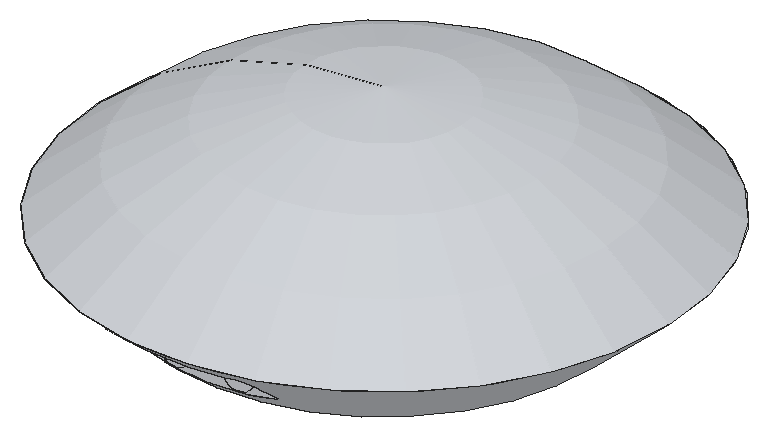
Revit family "0049006 Sylvania Lighting Fixture Start Surface IP66 1450lm 830 MW IK10 BLK", category Lighting Fixtures, host Face, Revit 2016
Family settings
  Host = Face
  Part Type = Normal
  Round Connector Dimension = Use Diameter
  OmniClass Number = 23.80.70.00
  OmniClass Title = Lighting
  Cut with Voids When Loaded = No
  Light Source = Yes
  Shared = No
  Room Calculation Point = No
Parameters (values of type "Type Name")
  power entry width = 90 mm
  power entry height = 28 mm
  power connector height = 12.5 mm
  power connector centres = 39 mm
  height = 110 mm
  connector position 2 = 40 mm
  connector length = 2 mm
  base height = 40 mm
  backplate diameter = 256 mm
  Weight = ""
  Wattage Comments = ""
  Wattage = 9.2903 W
  WarrantyStartDate [instance] = "n/a"
  WarrantyGuarantorParts = "n/a"
  WarrantyDurationUnit = "n/a"
  WarrantyDurationParts = "n/a"
  WarrantyDescription = "n/a"
  built-in parameter 1150110 = 1 (stored number, unit not read)
  Voltage = 0 V
  URL = "http://www.feilosylvania.com"
  TypeName = ""
  Type Image = <None>
  Type Comments = "n/a"
  Tube Diameter = 80 mm
  built-in parameter 1114217 = 1 (stored number, unit not read)
  Tilt Angle = 90.00°
  built-in parameter 1150109 = 1 (stored number, unit not read)
  built-in parameter 1150134 = 3
  built-in parameter 1150113 = 1 (stored number, unit not read)
  SerialNumber [instance] = "n/a"
  Photometric Web File = "0049006-300mA.ies"
  Material_3_FEILO = none
  PowerFactor = 0
  PowerConsumption = ""
  NominalLength = 0 mm
  NominalHeight = 0 mm
  NominalDepth = 0 mm
  Name = ""
  ModelReference = Name  # ""
  ModelNumber = ""
  Model = Name  # ""
  Material = ""
  ManufacturerName = "Feilo Sylvania"
  Manufacturer = "Feilo Sylvania"
  LuminousEfficacy = ""
  built-in parameter 1150105 = 109.82 (stored number, unit not read)
  Lumens = 1380 lm
  LuminaireType = ""
  built-in parameter 1150115 = 1 (stored number, unit not read)
  LightOutputRatio = ""
  built-in parameter 1150137 = (empty or 0)
  built-in parameter 1150139 = (empty or 0)
  LampsType = Lamp  # ""
  LampNominalLuminous = ""
  LampMacAdamStep = ""
  LampColourTemperature = ""
  LampColourRenderingIndex = ""
  built-in parameter 1150112 = 1 (stored number, unit not read)
  built-in parameter 1150114 = 1 (stored number, unit not read)
  Lamp = ""
  Keynote = "16500"
  InstallationDate [instance] = "n/a"
  InputVoltage = ""
  InputNominalFrequency = ""
  built-in parameter 1150132 = (empty or 0)
  built-in parameter 1150102 = (empty or 0)
  built-in parameter 1150107 = 3200 (stored number, unit not read)
  built-in parameter 1150138 = (empty or 0)
  IngressProtection = ""
  ImpactProtectionIndex = ""
  built-in parameter 1150106 = 1.0982 (stored number, unit not read)
  IfcExportType = "IfcLightFixtureType"
  IfcExportAs = "IfcLightFixtureType"
  Height = 250 mm
  ExpectedLife = 50000
  Emit from Circle Diameter = 609.6 mm
  Emit Shape Visible in Rendering = no
  ElectricShockClassification = ""
  built-in parameter 1150104 = 13.8 (stored number, unit not read)
  DurationUnit = "hours"
  DocumentationLiterature = ""
  DimmingControlOptions = ""
  Material_2_FEILO = none
  Dimming Lamp Color Temperature Shift = <None>
  Diameter = 350 mm
  Description = ""
  Default Elevation = 1219.2 mm
  CreatedOn = ""
  CreatedBy = ""
  Cost = 0
  Color Filter = 16777215
  built-in parameter 1114216 [instance] = (empty or 0)
  ClassificationValue = "EF_70_80"
  ClassificationName = "Uniclass2015"
  Material_1_FEILO = none
  BarCode [instance] = "n/a"
  built-in parameter 1114218 = 1 (stored number, unit not read)
  built-in parameter 1150133 = 10 (stored number, unit not read)
  AssetType = ""
  AssetIdentifier [instance] = "n/a"
  Assembly Code = "D5020200"
  Apparent Load = 0 VA
  Material_4_FEILO = none
Reference planes
  plane 1 "Center (Front/Back)": y = 0
  plane 2: z = 0
  plane 3 "Center (Left/Right)": x = 0
  plane 4: z = 0
  plane 5: y = 128
  plane 6: y = -128
  plane 7: y = 175
  plane 8: y = -175
  plane 9: z = 40
  plane 10: z = 110
  plane 11: x = -45.686
  plane 12: x = 44.314
  plane 13: z = 5
  plane 14: z = 33
  plane 15: y = -135
  plane 16: x = 19.5
  plane 17: x = -19.5
  plane 18: z = 20.5
  plane 19: y = -137
  plane 20: y = 135
Forms (mm)
  Blend 1, solid, detail levels medium+fine
    base sketch origin (4.2, 0, 0) x (1, 0, 0) y (0, 1, 0)
      loop
        circle (-4.2, 0) r 128
    top sketch origin (4.2, 0, 0) x (1, 0, 0) y (0, 1, 0)
      loop
        circle (-4.2, 0) r 175
    from 0 to 40
  Revolve 2, solid, detail levels medium+fine
    sketch origin (0, 0, 0) x (1, 0, 0) y (0, 0, 1)
      loop
        arc (175, 40) -> (94.148, 91.621) -> (0, 110) r 257.018
        line (0, 110) -> (0, 40) -> (175, 40)
      axis (0, 110) -> (0, 40)
    angle from -180 to 179.914
  Extrusion 3, void
    sketch origin (0, 0, 0) x (1, 0, 0) y (0, 0, 1)
      loop
        line (-45.686, 25.025) -> (-45.686, 5) -> (44.314, 5) -> (44.314, 25.025)
        arc (44.314, 25.025) -> (42.644, 30.018) -> (38.304, 33) r 8.297
        line (38.304, 33) -> (-39.676, 33)
        arc (-39.676, 33) -> (-44.015, 30.018) -> (-45.686, 25.025) r 8.297
    from 135 to 166.869
  Extrusion 4, solid, detail levels fine
    sketch origin (1524, -324.9, 1219.2) x (1, 0, 0) y (0, 0, 1)
      loop
        circle (-1504.5, -1198.7) r 11
      loop
        circle (-1543.5, -1198.7) r 11
    from -189.9 to -187.9
  Extrusion 5, void
    sketch origin (-0.686, -5.131, 0) x (-1, 0, 0) y (0, 0, 1)
      loop
        line (-45.686, 25.025) -> (-45.686, 5) -> (44.314, 5) -> (44.314, 25.025)
        arc (44.314, 25.025) -> (42.644, 30.018) -> (38.304, 33) r 8.297
        line (38.304, 33) -> (-39.676, 33)
        arc (-39.676, 33) -> (-44.015, 30.018) -> (-45.686, 25.025) r 8.297
    from 140.131 to 175.131
  Extrusion 6, solid
    sketch origin (1524, -52.9, 1219.2) x (1, 0, 0) y (0, 0, 1)
      loop
        circle (-1504.5, -1198.7) r 11
      loop
        circle (-1543.5, -1198.7) r 11
    from -189.9 to -187.9
  Extrusion 7, solid, detail levels coarse
    sketch origin (0, 1219.2, 38) x (1, 0, 0) y (0, 1, 0)
      loop
        line (175.117, -1396.13) -> (175.117, -1044.2) -> (-175, -1044.2) -> (-175, -1396.13) -> (175.117, -1396.13)
    from -38 to 72
Cuts and joins
  Extrusion 3, Extrusion 5 cuts Blend 1
  Extrusion 5 cuts Extrusion 4
Dimensions and locks
  "backplate diameter": plane 5 to plane 6
  equal spacing: plane 5, plane 1 "Center (Front/Back)", plane 6
  "Diameter": plane 7 to plane 8
  equal spacing: plane 7, plane 1 "Center (Front/Back)", plane 8
  "base height": plane 9 to level
  "height": plane 10 to host face
  "power entry width": plane 12 to plane 11
  plane 12 to imposter light to plane 11 = 44.201 mm, 45.799 mm
  "power entry height": plane 14 to plane 13
  "power connector centres": plane 17 to plane 16
  equal spacing: plane 17, plane 3 "Center (Left/Right)", plane 16
  "power connector height": plane 18 to plane 14
  "connector length": plane 15 to plane 19
  "connector position 2": plane 7 to plane 20
  aligned and locked: plane 2 to host face
  aligned and locked: level to host face
  aligned and locked: plane 10 to Extrusion 7
Automatic sketch dimensions
  host sketch curve to host sketch curve = 2438.4 mm  (x2)
  plane 1 "Center (Front/Back)" to Blend 1 sketch curve = 0 mm  (x2)
  Blend 1 sketch curve to plane 3 "Center (Left/Right)" = 0 mm  (x2)
  Revolve 2 sketch curve to plane 3 "Center (Left/Right)" = 0 mm  (x2)
  Revolve 2 sketch curve to plane 9 = 0 mm
  Revolve 2 sketch curve to plane 10 = 0 mm
  Revolve 2 sketch curve to plane 3 "Center (Left/Right)" = 1.306 mm
  plane 3 "Center (Left/Right)" to Revolve 2 sketch curve = 175 mm
  Revolve 2 sketch curve to level = 47.821 mm
  Revolve 2 sketch curve to Revolve 2 sketch curve = 80 mm
  Extrusion 3 sketch curve to plane 11 = 0 mm
  Extrusion 3 sketch curve to plane 14 = 0 mm
  Extrusion 3 sketch curve to plane 12 = 0 mm
  Extrusion 3 sketch curve to plane 13 = 0 mm
  plane 11 to Extrusion 3 sketch curve = 6.01 mm
  plane 18 to Extrusion 3 sketch curve = 4.525 mm  (x2)
  Extrusion 3 sketch curve to Extrusion 3 sketch curve = 8.297 mm
  plane 17 to Extrusion 4 sketch curve = 0 mm
  plane 16 to Extrusion 4 sketch curve = 0 mm
  Extrusion 4 sketch curve to plane 18 = 0 mm  (x2)
  Extrusion 5 sketch curve to plane 13 = 0 mm
  Extrusion 5 sketch curve to plane 14 = 0 mm
  plane 12 to Extrusion 5 sketch curve = 0.686 mm
  Extrusion 5 sketch curve to plane 12 = 5.324 mm
  plane 18 to Extrusion 5 sketch curve = 4.525 mm
  plane 11 to Extrusion 5 sketch curve = 8.982 mm
  plane 11 to Extrusion 5 sketch curve = 6.696 mm
  plane 11 to Extrusion 5 sketch curve = 0.686 mm
  plane 17 to Extrusion 6 sketch curve = 0 mm
  plane 16 to Extrusion 6 sketch curve = 0 mm
  Extrusion 6 sketch curve to plane 18 = 0 mm  (x2)
  Extrusion 7 sketch curve to plane 8 = 1.93 mm
  Extrusion 7 sketch curve to plane 11 = 129.314 mm
  plane 12 to Extrusion 7 sketch curve = 130.802 mm
  plane 5 to Extrusion 7 sketch curve = 47 mm
  radius of Blend 1 sketch curve = 128 mm
  radius of Blend 1 sketch curve = 175 mm
  radius of Extrusion 4 sketch curve = 11 mm  (x2)
  radius of Extrusion 6 sketch curve = 11 mm  (x2)
Connectors
  electrical at (19.5, 137, 20.5)
    settings: on Extrusion 6, index 1, voltage 0 V, apparent load 0 VA, apparent load phase1 0 VA, apparent load phase2 0 VA, apparent load phase3 0 VA, power factor 1, load classification "Other", number of poles 1, system type 31, power factor state 1, is connector primary yes, connector utility no, sub classification motor no, connector description ""
